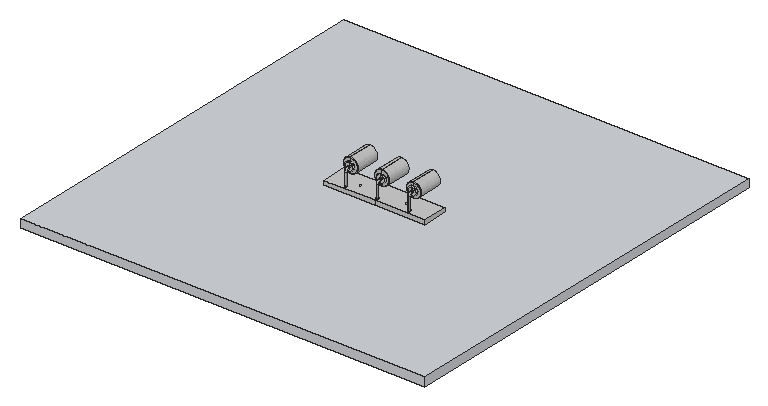
Revit family "P300329-009", category Lighting Fixtures, host Face, Revit 2017
Family settings
  Host = Face
  Round Connector Dimension = Use Diameter
  Part Type = Normal
  OmniClass Number = 23.80.70.11.14.17
  OmniClass Title = Direct/Indirect
  Cut with Voids When Loaded = No
  Light Source = No
  Shared = Yes
  Room Calculation Point = No
Parameters (values of type "P300329-009")
  Watts = 100 W
  Wattage Comments = "100W"
  Warranty = "1 year Warranty"  # constant formula
  Voltage = 120 V
  URL = "https://www.hubbell.com/progresslighting/en"
  Product Link = "https://www.hubbell.com/progresslighting/en/Products/Lighting-Controls/Residential-Indoor-Lighting/Bath-Vanity/Merry-Collection-Three-Light-Brushed-Nickel-and-Etched-Glass-Transitional-Style-Bath-Vanity-Wall-Light/p/6419000"
  Product Documentation Link = "https://hubbellcdn.com/specsheet/PROG_P300329-009_spec.pdf"
  Power Factor = 1
  Model = "P300329-009"  # constant formula
  Manufacturer = "Progress Lighting"  # constant formula
  Load Classification = Lighting
  Glass = Paint - Hubbell - White Texture
  Lamp = "LED/CFL/incandescent"  # constant formula
  Housing Material = Paint - Hubbell - Metallic Silver Textured
  Features = "Incorporate a clean, contemporary design with the Merry Collection 3-Light Etched Glass Brushed Nickel Transitional Bath Vanity Light. Light sources glow from within crisp etched glass shades for a generous elegant glow sure to transform any bath into a modern retreat. The rectangular backplate, curved arms, and round light bases are coated in a beautiful brushed nickel finish that perfectly blends transitional and modern character. For ideal illumination, use 3 medium base bulbs that are sold separately (100w max - LED/CFL/incandescent). The bath light is compatible with dimmable bulbs. The bath vanity light's contemporary design is ideal for any bathroom in modern and transitional style settings. It's time to breathe new life into the mundane every day with timeless and truly transformative lighting. Make your purchase today to begin your journey to a whole new lighting experience. Progress Lighting products are designed for exceptional quality, reliability, and functionality.\r\nApplication: Ideal for any bathroom.\r\nStyle: Perfect for modern and transitional style settings.\r\nFinish: The rectangular backplate, curved arms, and round light bases are coated in a beautiful brushed nickel finish that perfectly blends transitional and modern character.\r\nMaterials: Constructed from steel to ensure a long product lifespan.\r\nGlass: Light sources glow from within crisp etched glass shades for a generous elegant glow to transform any bath into a modern retreat.\r\nDimensions: For ideal illumination, use 3 medium base bulbs that are sold separately (100w max - LED/CFL/incandescent). Compatible with dimmable bulbs.\r\nDimensions: Measures 24-inch length by 8.25-inch height by 5.75-inch depth (installed).\r\nCertifications: cULus damp location listed.\r\nPairs With: Pairs with Progress Lighting fixtures from the Tobin, Etched Glass Flush, and Dome Glass collections.\r\nWarranty: Our 1-Year Limited Warranty guarantees your complete satisfaction with your purchase and includes professional after-sales customer service support. Make your purchase today to breathe new life into your lighting design!"  # constant formula
  Description = "Merry Collection Three-Light Brushed Nickel and Etched Glass Transitional Style Bath Vanity Wall Light"  # constant formula
  Default Elevation = 48.00"
  Copyright = " ©2021 Progress Lighting, a division of Hubbell Lighting, Inc"  # constant formula
  Contact = "https://www.hubbell.com/progresslighting/en/contactUs"
  Connector Description = "Lighting Connector"  # constant formula
  Assembly Code = "D5020200"
  Apparent Load = Watts / Power Factor  # 100 VA
Reference planes (in)
  plane 1 "Center (Front/Back)": y = 0
  plane 2: z = 0
  plane 3 "Center (Left/Right)": x = 0
  plane 4: z = 10.50759
  plane 5: z = 6.0561
  plane 6: x = 12
  plane 7: x = -12
Forms (in)
  Extrusion 1, solid
    sketch origin (0, 0, 0) x (1, 0, 0) y (0, 1, 0)
      loop
        line (-48, 48) -> (-48, -48) -> (48, -48) -> (48, 48) -> (-48, 48)
    from 0 to -2
  Extrusion 2, solid, material "Paint - Hubbell - Metallic Silver Textured" <- "Housing Material"
    sketch origin (0, -0.09375, 0) x (0, -1, 0) y (1, 0, 0)
      loop
        circle (0.07813, -5.54437) r 0.1
      loop
        circle (0.07812, 5.41937) r 0.1
    from 0.9423 to 1.04386
  Extrusion 3, solid, material "Paint - Hubbell - Metallic Silver Textured" <- "Housing Material"
    sketch origin (0, 0, 0) x (1, 0, 0) y (0, 1, 0)
      loop
        line (0, 3.04197) -> (-12, 3.04197) -> (-12, -2.95803) -> (0, -2.95803) -> (12, -2.95803) -> (12, 3.04197) -> (0, 3.04197)
    from 0 to 0.9423
  Revolve 4, solid, material "Paint - Hubbell - Metallic Silver Textured" <- "Housing Material"
    sketch origin (-7.5, -1.25, -1.125) x (0, -1, 0) y (0, 0, -1)
      loop
        line (-0.39703, -5.74607) -> (-0.66504, -5.74607) -> (-0.66504, -6.82752) -> (-0.26213, -6.82752)
        arc (-0.26213, -6.82752) -> (-0.19142, -6.79823) -> (-0.16213, -6.72752) r 0.1
        line (-0.16213, -6.72752) -> (-0.16213, -5.99092) -> (-0.05542, -5.99092) -> (-0.05542, -5.74607) -> (-0.16213, -5.74607) -> (-0.39703, -5.74607)
      axis (-0.05542, -5.74607) -> (-0.66504, -5.74607)
    angle from 0 to 360
  Revolve 5, solid, material "Paint - Hubbell - White Texture" <- "Glass"
    sketch origin (-7.53125, -5.21875, -2.0625) x (0, -1, 0) y (0, 0, -1)
      loop
        line (-4.59719, -6.69919) -> (-7.99875, -6.69919) -> (-7.99875, -7.33909)
        arc (-7.99875, -7.33909) -> (-7.93579, -7.50497) -> (-7.77863, -7.5873) r 0.25
        line (-7.77863, -7.5873) -> (-5.68396, -7.36454)
        arc (-5.68396, -7.36454) -> (-5.44868, -7.30814) -> (-5.20749, -7.28919) r 1.54416
        line (-5.20749, -7.28919) -> (-4.59719, -7.28919) -> (-4.59719, -6.69919)
      axis (-4.59719, -6.69919) -> (-7.99875, -6.69919)
    angle from 0 to 360
  Revolve 6, solid, material "Paint - Hubbell - White Texture" <- "Glass"
    sketch origin (-7.47515, -8.05913, 4.60947) x (0, 0, 1) y (0, 1, 0)
      loop
        line (0, 7.43773) -> (0, 10.56087) -> (0, 10.66244) -> (-0.11058, 10.66244)
        arc (-0.11058, 10.66244) -> (-0.13207, 10.62395) -> (-0.10174, 10.59197) r 0.0372
        arc (-0.10174, 10.59197) -> (-0.07712, 10.57767) -> (-0.0674, 10.55091) r 0.04171
        line (-0.0674, 10.55091) -> (-0.0674, 10.36451) -> (-0.0674, 8.11451) -> (-0.3174, 8.11451) -> (-0.3174, 7.86451) -> (-0.14062, 7.68773) -> (-0.14062, 7.43773) -> (0, 7.43773)
      axis (0, 7.43773) -> (0, 10.66244)
    angle from 0 to 360
  Revolve 7, solid, material "Paint- Wood"
    sketch origin (-7.47515, -8.05913, 4.60947) x (0, 0, 1) y (0, 1, 0)
      loop
        line (-0.47346, 8.28115) -> (-0.61841, 10.35395) -> (-0.66329, 10.35395) -> (-0.51834, 8.28115) -> (-0.47346, 8.28115)
      axis (-0.61862, 10.35707) -> (-0.47346, 8.28115)
    angle from 0 to 360
  Revolve 8, solid, material "Paint- Wood"
    sketch origin (-7.47515, -8.05913, 4.60947) x (0, 0, -1) y (0, -1, 0)
      loop
        line (-0.47346, -8.28115) -> (-0.51834, -8.28115) -> (-0.66723, -10.41041) -> (-0.62235, -10.41041) -> (-0.47346, -8.28115)
      axis (-0.62257, -10.41353) -> (-0.47346, -8.28115)
    angle from 0 to 360
  Revolve 9, solid, material "Paint- Wood"
    sketch origin (-7.47515, -8.05913, 4.60947) x (1, 0, 0) y (0, 1, 0)
      loop
        line (-0.47346, 8.28115) -> (-0.62034, 10.38161) -> (-0.66522, 10.38161) -> (-0.51834, 8.28115) -> (-0.47346, 8.28115)
      axis (-0.62056, 10.38473) -> (-0.47346, 8.28115)
    angle from 0 to 360
  Revolve 10, solid, material "Paint- Wood"
    sketch origin (-7.47515, -8.05913, 4.60947) x (-1, 0, 0) y (0, -1, 0)
      loop
        line (-0.47346, -8.28115) -> (-0.51834, -8.28115) -> (-0.66605, -10.39346) -> (-0.62117, -10.39346) -> (-0.47346, -8.28115)
      axis (-0.62139, -10.39659) -> (-0.47346, -8.28115)
    angle from 0 to 360
  Sweep 11, solid, material "Paint - Hubbell - White Texture" <- "Glass"
    path origin (-7.45952, -8.55913, 4.60853) x (1, 0, 0) y (0, 1, 0)
      loop
        line (0.61067, 10.88516) -> (0.61067, 10.98257)
        arc (0.61067, 10.98257) -> (0.57513, 11.06837) -> (0.48933, 11.10391) r 0.12134
        line (0.48933, 11.10391) -> (0.04812, 11.10391)
    profile origin (-6.84885, 2.37474, 4.60853) x (-1, 0, 0) y (0, 0, 1)
      loop
        circle (0, 0.00095) r 0.031
  Sweep 12, solid, material "Paint - Hubbell - White Texture" <- "Glass"
    path origin (-7.49267, -8.55913, 4.60853) x (-1, 0, 0) y (0, -1, 0)
      loop
        line (0.61067, -10.88516) -> (0.61067, -10.98257)
        arc (0.61067, -10.98257) -> (0.57513, -11.06837) -> (0.48933, -11.10391) r 0.12134
        line (0.48933, -11.10391) -> (0.04812, -11.10391)
    profile origin (-8.10334, 2.37474, 4.60853) x (-1, 0, 0) y (0, 0, 1)
      loop
        circle (0, 0.00095) r 0.031
  Sweep 13, solid, material "Paint - Hubbell - White Texture" <- "Glass"
    path origin (-7.45952, 11.17512, 4.60853) x (1, 0, 0) y (0, 1, 0)
      loop
        line (0.45442, -10.88516) -> (0.45442, -10.98257)
        arc (0.45442, -10.98257) -> (0.41888, -11.06837) -> (0.33308, -11.10391) r 0.12134
        line (0.33308, -11.10391) -> (0.04812, -11.10391)
    profile origin (-7.0051, 0.24126, 4.60853) x (1, 0, 0) y (0, 0, 1)
      loop
        circle (0, 0.00095) r 0.031
  Sweep 14, solid, material "Paint - Hubbell - White Texture" <- "Glass"
    path origin (-7.49267, 11.17512, 4.60853) x (-1, 0, 0) y (0, -1, 0)
      loop
        line (0.45442, 10.88516) -> (0.45442, 10.98257)
        arc (0.45442, 10.98257) -> (0.41888, 11.06837) -> (0.33308, 11.10391) r 0.12134
        line (0.33308, 11.10391) -> (0.04812, 11.10391)
    profile origin (-7.94709, 0.24126, 4.60853) x (1, 0, 0) y (0, 0, 1)
      loop
        circle (0, 0.00095) r 0.031
  Sweep 15, solid, material "Paint - Hubbell - White Texture" <- "Glass"
    path origin (-7.47515, -8.55913, 4.62605) x (0, 0, 1) y (0, 1, 0)
      loop
        line (0.61067, 10.88516) -> (0.61067, 10.98257)
        arc (0.61067, 10.98257) -> (0.57513, 11.06837) -> (0.48933, 11.10391) r 0.12134
        line (0.48933, 11.10391) -> (0.04812, 11.10391)
    profile origin (-7.47515, 2.37474, 5.23672) x (0, 0, -1) y (-1, 0, 0)
      loop
        circle (0, 0.00095) r 0.031
  Sweep 16, solid, material "Paint - Hubbell - White Texture" <- "Glass"
    path origin (-7.47515, -8.55913, 4.5929) x (0, 0, -1) y (0, -1, 0)
      loop
        line (0.61067, -10.88516) -> (0.61067, -10.98257)
        arc (0.61067, -10.98257) -> (0.57513, -11.06837) -> (0.48933, -11.10391) r 0.12134
        line (0.48933, -11.10391) -> (0.04812, -11.10391)
    profile origin (-7.47515, 2.37474, 3.98223) x (0, 0, -1) y (-1, 0, 0)
      loop
        circle (0, 0.00095) r 0.031
  Sweep 17, solid, material "Paint - Hubbell - White Texture" <- "Glass"
    path origin (-7.47515, 11.17512, 4.62605) x (0, 0, 1) y (0, 1, 0)
      loop
        line (0.45442, -10.88516) -> (0.45442, -10.98257)
        arc (0.45442, -10.98257) -> (0.41888, -11.06837) -> (0.33308, -11.10391) r 0.12134
        line (0.33308, -11.10391) -> (0.04812, -11.10391)
    profile origin (-7.47515, 0.24126, 5.08047) x (0, 0, 1) y (-1, 0, 0)
      loop
        circle (0, 0.00095) r 0.031
  Sweep 18, solid, material "Paint - Hubbell - White Texture" <- "Glass"
    path origin (-7.47515, 11.17512, 4.5929) x (0, 0, -1) y (0, -1, 0)
      loop
        line (0.45442, 10.88516) -> (0.45442, 10.98257)
        arc (0.45442, 10.98257) -> (0.41888, 11.06837) -> (0.33308, 11.10391) r 0.12134
        line (0.33308, 11.10391) -> (0.04812, 11.10391)
    profile origin (-7.47515, 0.24126, 4.13848) x (0, 0, 1) y (-1, 0, 0)
      loop
        circle (0, 0.00095) r 0.031
  Revolve 19, solid, material "Paint - Hubbell - White Texture" <- "Glass"
    sketch origin (-7.5, -1.5, -2) x (0, -1, 0) y (0, 0, -1)
      loop
        line (-0.87287, -7.54713) -> (-0.91291, -7.54713) -> (-0.91291, -8.25098)
        arc (-0.91291, -8.25098) -> (-0.94565, -8.33003) -> (-1.02469, -8.36277) r 0.11178
        line (-1.02469, -8.36277) -> (-6.77469, -8.36277) -> (-6.77469, -8.3973) -> (-0.99008, -8.3973)
        arc (-0.99008, -8.3973) -> (-0.9072, -8.36297) -> (-0.87287, -8.28009) r 0.11721
        line (-0.87287, -8.28009) -> (-0.87287, -7.54713)
      axis (-6.77469, -6.60947) -> (-0.87287, -6.60947)
    angle from 0 to 360
  Sweep 20, solid, material "Paint - Hubbell - Metallic Silver Textured" <- "Housing Material"
    path origin (-7.5, -0.8125, 6.11048) x (0, -1, 0) y (0, 0, -1)
      loop
        line (-0.1919, 1.48887) -> (0.7456, 1.48887)
        arc (0.7456, 1.48887) -> (1.09915, 1.63532) -> (1.2456, 1.98887) r 0.5
        line (1.2456, 1.98887) -> (1.2456, 5.16818)
    profile origin (-7.5, -1.08935, 4.62161) x (0, 0, -1) y (1, 0, 0)
      loop
        circle (0, 0) r 0.15
  Revolve 21, solid, material "Paint - Hubbell - Metallic Silver Textured" <- "Housing Material"
    sketch origin (-7.5, -7.77646, 1.96567) x (0, 0, 1) y (0, -1, 0)
      loop
        line (-1.0215, -5.99092) -> (-0.9148, -5.99092) -> (-0.9148, -5.74607) -> (-1.0215, -5.74607) -> (-1.0215, -5.99092)
      axis (-0.9148, -5.74607) -> (-1.0215, -5.74607)
    angle from 0 to 360
  Revolve 22, solid, material "Paint - Hubbell - Metallic Silver Textured" <- "Housing Material"
    sketch origin (0, -1.25, -1.125) x (0, -1, 0) y (0, 0, 1)
      loop
        line (-0.39703, 5.74607) -> (-0.16213, 5.74607) -> (-0.05542, 5.74607) -> (-0.05542, 5.99092) -> (-0.16213, 5.99092) -> (-0.16213, 6.72752)
        arc (-0.16213, 6.72752) -> (-0.19142, 6.79823) -> (-0.26213, 6.82752) r 0.1
        line (-0.26213, 6.82752) -> (-0.66504, 6.82752) -> (-0.66504, 5.74607) -> (-0.39703, 5.74607)
      axis (-0.05542, 5.74607) -> (-0.66504, 5.74607)
    angle from 0 to 360
  Revolve 23, solid, material "Paint - Hubbell - White Texture" <- "Glass"
    sketch origin (0.03125, -5.21875, -2.0625) x (0, -1, 0) y (0, 0, 1)
      loop
        line (-4.59719, 6.69919) -> (-4.59719, 7.28919) -> (-5.20749, 7.28919)
        arc (-5.20749, 7.28919) -> (-5.44868, 7.30814) -> (-5.68396, 7.36454) r 1.54416
        line (-5.68396, 7.36454) -> (-7.77863, 7.5873)
        arc (-7.77863, 7.5873) -> (-7.93579, 7.50497) -> (-7.99875, 7.33909) r 0.25
        line (-7.99875, 7.33909) -> (-7.99875, 6.69919) -> (-4.59719, 6.69919)
      axis (-4.59719, 6.69919) -> (-7.99875, 6.69919)
    angle from 0 to 360
  Revolve 24, solid, material "Paint - Hubbell - White Texture" <- "Glass"
    sketch origin (-0.02485, -8.05913, 4.60947) x (0, 0, 1) y (0, -1, 0)
      loop
        line (0, -7.43773) -> (-0.14062, -7.43773) -> (-0.14062, -7.68773) -> (-0.3174, -7.86451) -> (-0.3174, -8.11451) -> (-0.0674, -8.11451) -> (-0.0674, -10.36451) -> (-0.0674, -10.55091)
        arc (-0.0674, -10.55091) -> (-0.07712, -10.57767) -> (-0.10174, -10.59197) r 0.04171
        arc (-0.10174, -10.59197) -> (-0.13207, -10.62395) -> (-0.11058, -10.66244) r 0.0372
        line (-0.11058, -10.66244) -> (0, -10.66244) -> (0, -10.56087) -> (0, -7.43773)
      axis (0, -7.43773) -> (0, -10.66244)
    angle from 0 to 360
  Revolve 25, solid, material "Paint- Wood"
    sketch origin (-0.02485, -8.05913, 4.60947) x (0, 0, 1) y (0, -1, 0)
      loop
        line (-0.47346, -8.28115) -> (-0.51834, -8.28115) -> (-0.66329, -10.35395) -> (-0.61841, -10.35395) -> (-0.47346, -8.28115)
      axis (-0.61862, -10.35707) -> (-0.47346, -8.28115)
    angle from 0 to 360
  Revolve 26, solid, material "Paint- Wood"
    sketch origin (-0.02485, -8.05913, 4.60947) x (0, 0, -1) y (0, 1, 0)
      loop
        line (-0.47346, 8.28115) -> (-0.62235, 10.41041) -> (-0.66723, 10.41041) -> (-0.51834, 8.28115) -> (-0.47346, 8.28115)
      axis (-0.62257, 10.41353) -> (-0.47346, 8.28115)
    angle from 0 to 360
  Revolve 27, solid, material "Paint- Wood"
    sketch origin (-0.02485, -8.05913, 4.60947) x (-1, 0, 0) y (0, -1, 0)
      loop
        line (-0.47346, -8.28115) -> (-0.51834, -8.28115) -> (-0.66522, -10.38161) -> (-0.62034, -10.38161) -> (-0.47346, -8.28115)
      axis (-0.62056, -10.38473) -> (-0.47346, -8.28115)
    angle from 0 to 360
  Revolve 28, solid, material "Paint- Wood"
    sketch origin (-0.02485, -8.05913, 4.60947) x (1, 0, 0) y (0, 1, 0)
      loop
        line (-0.47346, 8.28115) -> (-0.62117, 10.39346) -> (-0.66605, 10.39346) -> (-0.51834, 8.28115) -> (-0.47346, 8.28115)
      axis (-0.62139, 10.39659) -> (-0.47346, 8.28115)
    angle from 0 to 360
  Sweep 29, solid, material "Paint - Hubbell - White Texture" <- "Glass"
    path origin (-0.04048, -8.55913, 4.60853) x (-1, 0, 0) y (0, -1, 0)
      loop
        line (0.61067, -10.88516) -> (0.61067, -10.98257)
        arc (0.61067, -10.98257) -> (0.57513, -11.06837) -> (0.48933, -11.10391) r 0.12134
        line (0.48933, -11.10391) -> (0.04812, -11.10391)
    profile origin (-0.65115, 2.37474, 4.60853) x (-1, 0, 0) y (0, 0, 1)
      loop
        circle (0, 0.00095) r 0.031
  Sweep 30, solid, material "Paint - Hubbell - White Texture" <- "Glass"
    path origin (-0.00733, -8.55913, 4.60853) x (1, 0, 0) y (0, 1, 0)
      loop
        line (0.61067, 10.88516) -> (0.61067, 10.98257)
        arc (0.61067, 10.98257) -> (0.57513, 11.06837) -> (0.48933, 11.10391) r 0.12134
        line (0.48933, 11.10391) -> (0.04812, 11.10391)
    profile origin (0.60334, 2.37474, 4.60853) x (-1, 0, 0) y (0, 0, 1)
      loop
        circle (0, 0.00095) r 0.031
  Sweep 31, solid, material "Paint - Hubbell - White Texture" <- "Glass"
    path origin (-0.04048, 11.17512, 4.60853) x (-1, 0, 0) y (0, -1, 0)
      loop
        line (0.45442, 10.88516) -> (0.45442, 10.98257)
        arc (0.45442, 10.98257) -> (0.41888, 11.06837) -> (0.33308, 11.10391) r 0.12134
        line (0.33308, 11.10391) -> (0.04812, 11.10391)
    profile origin (-0.4949, 0.24126, 4.60853) x (1, 0, 0) y (0, 0, 1)
      loop
        circle (0, 0.00095) r 0.031
  Sweep 32, solid, material "Paint - Hubbell - White Texture" <- "Glass"
    path origin (-0.00733, 11.17512, 4.60853) x (1, 0, 0) y (0, 1, 0)
      loop
        line (0.45442, -10.88516) -> (0.45442, -10.98257)
        arc (0.45442, -10.98257) -> (0.41888, -11.06837) -> (0.33308, -11.10391) r 0.12134
        line (0.33308, -11.10391) -> (0.04812, -11.10391)
    profile origin (0.44709, 0.24126, 4.60853) x (1, 0, 0) y (0, 0, 1)
      loop
        circle (0, 0.00095) r 0.031
  Sweep 33, solid, material "Paint - Hubbell - White Texture" <- "Glass"
    path origin (-0.02485, -8.55913, 4.62605) x (0, 0, 1) y (0, -1, 0)
      loop
        line (0.61067, -10.88516) -> (0.61067, -10.98257)
        arc (0.61067, -10.98257) -> (0.57513, -11.06837) -> (0.48933, -11.10391) r 0.12134
        line (0.48933, -11.10391) -> (0.04812, -11.10391)
    profile origin (-0.02485, 2.37474, 5.23672) x (0, 0, 1) y (1, 0, 0)
      loop
        circle (0, 0.00095) r 0.031
  Sweep 34, solid, material "Paint - Hubbell - White Texture" <- "Glass"
    path origin (-0.02485, -8.55913, 4.5929) x (0, 0, -1) y (0, 1, 0)
      loop
        line (0.61067, 10.88516) -> (0.61067, 10.98257)
        arc (0.61067, 10.98257) -> (0.57513, 11.06837) -> (0.48933, 11.10391) r 0.12134
        line (0.48933, 11.10391) -> (0.04812, 11.10391)
    profile origin (-0.02485, 2.37474, 3.98223) x (0, 0, 1) y (1, 0, 0)
      loop
        circle (0, 0.00095) r 0.031
  Sweep 35, solid, material "Paint - Hubbell - White Texture" <- "Glass"
    path origin (-0.02485, 11.17512, 4.62605) x (0, 0, 1) y (0, -1, 0)
      loop
        line (0.45442, 10.88516) -> (0.45442, 10.98257)
        arc (0.45442, 10.98257) -> (0.41888, 11.06837) -> (0.33308, 11.10391) r 0.12134
        line (0.33308, 11.10391) -> (0.04812, 11.10391)
    profile origin (-0.02485, 0.24126, 5.08047) x (0, 0, -1) y (1, 0, 0)
      loop
        circle (0, 0.00095) r 0.031
  Sweep 36, solid, material "Paint - Hubbell - White Texture" <- "Glass"
    path origin (-0.02485, 11.17512, 4.5929) x (0, 0, -1) y (0, 1, 0)
      loop
        line (0.45442, -10.88516) -> (0.45442, -10.98257)
        arc (0.45442, -10.98257) -> (0.41888, -11.06837) -> (0.33308, -11.10391) r 0.12134
        line (0.33308, -11.10391) -> (0.04812, -11.10391)
    profile origin (-0.02485, 0.24126, 4.13848) x (0, 0, -1) y (1, 0, 0)
      loop
        circle (0, 0.00095) r 0.031
  Revolve 37, solid, material "Paint - Hubbell - White Texture" <- "Glass"
    sketch origin (0, -1.5, -2) x (0, -1, 0) y (0, 0, 1)
      loop
        line (-0.87287, 7.54713) -> (-0.87287, 8.28009)
        arc (-0.87287, 8.28009) -> (-0.9072, 8.36297) -> (-0.99008, 8.3973) r 0.11721
        line (-0.99008, 8.3973) -> (-6.77469, 8.3973) -> (-6.77469, 8.36277) -> (-1.02469, 8.36277)
        arc (-1.02469, 8.36277) -> (-0.94565, 8.33003) -> (-0.91291, 8.25098) r 0.11178
        line (-0.91291, 8.25098) -> (-0.91291, 7.54713) -> (-0.87287, 7.54713)
      axis (-6.77469, 6.60947) -> (-0.87287, 6.60947)
    angle from 0 to 360
  Sweep 38, solid, material "Paint - Hubbell - Metallic Silver Textured" <- "Housing Material"
    path origin (0, -0.8125, 6.11048) x (0, -1, 0) y (0, 0, 1)
      loop
        line (-0.1919, -1.48887) -> (0.7456, -1.48887)
        arc (0.7456, -1.48887) -> (1.09915, -1.63532) -> (1.2456, -1.98887) r 0.5
        line (1.2456, -1.98887) -> (1.2456, -5.16818)
    profile origin (0, -1.08935, 4.62161) x (0, 0, 1) y (-1, 0, 0)
      loop
        circle (0, 0) r 0.15
  Revolve 39, solid, material "Paint - Hubbell - Metallic Silver Textured" <- "Housing Material"
    sketch origin (0, -7.77646, 1.96567) x (0, 0, 1) y (0, 1, 0)
      loop
        line (-1.0215, 5.99092) -> (-1.0215, 5.74607) -> (-0.9148, 5.74607) -> (-0.9148, 5.99092) -> (-1.0215, 5.99092)
      axis (-0.9148, 5.74607) -> (-1.0215, 5.74607)
    angle from 0 to 360
  Revolve 40, solid, material "Paint - Hubbell - Metallic Silver Textured" <- "Housing Material"
    sketch origin (7.5, -1.25, -1.125) x (0, -1, 0) y (0, 0, 1)
      loop
        line (-0.39703, 5.74607) -> (-0.16213, 5.74607) -> (-0.05542, 5.74607) -> (-0.05542, 5.99092) -> (-0.16213, 5.99092) -> (-0.16213, 6.72752)
        arc (-0.16213, 6.72752) -> (-0.19142, 6.79823) -> (-0.26213, 6.82752) r 0.1
        line (-0.26213, 6.82752) -> (-0.66504, 6.82752) -> (-0.66504, 5.74607) -> (-0.39703, 5.74607)
      axis (-0.05542, 5.74607) -> (-0.66504, 5.74607)
    angle from 0 to 360
  Revolve 41, solid, material "Paint - Hubbell - White Texture" <- "Glass"
    sketch origin (7.53125, -5.21875, -2.0625) x (0, -1, 0) y (0, 0, 1)
      loop
        line (-4.59719, 6.69919) -> (-4.59719, 7.28919) -> (-5.20749, 7.28919)
        arc (-5.20749, 7.28919) -> (-5.44868, 7.30814) -> (-5.68396, 7.36454) r 1.54416
        line (-5.68396, 7.36454) -> (-7.77863, 7.5873)
        arc (-7.77863, 7.5873) -> (-7.93579, 7.50497) -> (-7.99875, 7.33909) r 0.25
        line (-7.99875, 7.33909) -> (-7.99875, 6.69919) -> (-4.59719, 6.69919)
      axis (-4.59719, 6.69919) -> (-7.99875, 6.69919)
    angle from 0 to 360
  Revolve 42, solid, material "Paint - Hubbell - White Texture" <- "Glass"
    sketch origin (7.47515, -8.05913, 4.60947) x (0, 0, 1) y (0, -1, 0)
      loop
        line (0, -7.43773) -> (-0.14062, -7.43773) -> (-0.14062, -7.68773) -> (-0.3174, -7.86451) -> (-0.3174, -8.11451) -> (-0.0674, -8.11451) -> (-0.0674, -10.36451) -> (-0.0674, -10.55091)
        arc (-0.0674, -10.55091) -> (-0.07712, -10.57767) -> (-0.10174, -10.59197) r 0.04171
        arc (-0.10174, -10.59197) -> (-0.13207, -10.62395) -> (-0.11058, -10.66244) r 0.0372
        line (-0.11058, -10.66244) -> (0, -10.66244) -> (0, -10.56087) -> (0, -7.43773)
      axis (0, -7.43773) -> (0, -10.66244)
    angle from 0 to 360
  Revolve 43, solid, material "Paint- Wood"
    sketch origin (7.47515, -8.05913, 4.60947) x (0, 0, 1) y (0, -1, 0)
      loop
        line (-0.47346, -8.28115) -> (-0.51834, -8.28115) -> (-0.66329, -10.35395) -> (-0.61841, -10.35395) -> (-0.47346, -8.28115)
      axis (-0.61862, -10.35707) -> (-0.47346, -8.28115)
    angle from 0 to 360
  Revolve 44, solid, material "Paint- Wood"
    sketch origin (7.47515, -8.05913, 4.60947) x (0, 0, -1) y (0, 1, 0)
      loop
        line (-0.47346, 8.28115) -> (-0.62235, 10.41041) -> (-0.66723, 10.41041) -> (-0.51834, 8.28115) -> (-0.47346, 8.28115)
      axis (-0.62257, 10.41353) -> (-0.47346, 8.28115)
    angle from 0 to 360
  Revolve 45, solid, material "Paint- Wood"
    sketch origin (7.47515, -8.05913, 4.60947) x (-1, 0, 0) y (0, -1, 0)
      loop
        line (-0.47346, -8.28115) -> (-0.51834, -8.28115) -> (-0.66522, -10.38161) -> (-0.62034, -10.38161) -> (-0.47346, -8.28115)
      axis (-0.62056, -10.38473) -> (-0.47346, -8.28115)
    angle from 0 to 360
  Revolve 46, solid, material "Paint- Wood"
    sketch origin (7.47515, -8.05913, 4.60947) x (1, 0, 0) y (0, 1, 0)
      loop
        line (-0.47346, 8.28115) -> (-0.62117, 10.39346) -> (-0.66605, 10.39346) -> (-0.51834, 8.28115) -> (-0.47346, 8.28115)
      axis (-0.62139, 10.39659) -> (-0.47346, 8.28115)
    angle from 0 to 360
  Sweep 47, solid, material "Paint - Hubbell - White Texture" <- "Glass"
    path origin (7.45952, -8.55913, 4.60853) x (-1, 0, 0) y (0, -1, 0)
      loop
        line (0.61067, -10.88516) -> (0.61067, -10.98257)
        arc (0.61067, -10.98257) -> (0.57513, -11.06837) -> (0.48933, -11.10391) r 0.12134
        line (0.48933, -11.10391) -> (0.04812, -11.10391)
    profile origin (6.84885, 2.37474, 4.60853) x (-1, 0, 0) y (0, 0, 1)
      loop
        circle (0, 0.00095) r 0.031
  Sweep 48, solid, material "Paint - Hubbell - White Texture" <- "Glass"
    path origin (7.49267, -8.55913, 4.60853) x (1, 0, 0) y (0, 1, 0)
      loop
        line (0.61067, 10.88516) -> (0.61067, 10.98257)
        arc (0.61067, 10.98257) -> (0.57513, 11.06837) -> (0.48933, 11.10391) r 0.12134
        line (0.48933, 11.10391) -> (0.04812, 11.10391)
    profile origin (8.10334, 2.37474, 4.60853) x (-1, 0, 0) y (0, 0, 1)
      loop
        circle (0, 0.00095) r 0.031
  Sweep 49, solid, material "Paint - Hubbell - White Texture" <- "Glass"
    path origin (7.45952, 11.17512, 4.60853) x (-1, 0, 0) y (0, -1, 0)
      loop
        line (0.45442, 10.88516) -> (0.45442, 10.98257)
        arc (0.45442, 10.98257) -> (0.41888, 11.06837) -> (0.33308, 11.10391) r 0.12134
        line (0.33308, 11.10391) -> (0.04812, 11.10391)
    profile origin (7.0051, 0.24126, 4.60853) x (1, 0, 0) y (0, 0, 1)
      loop
        circle (0, 0.00095) r 0.031
  Sweep 50, solid, material "Paint - Hubbell - White Texture" <- "Glass"
    path origin (7.49267, 11.17512, 4.60853) x (1, 0, 0) y (0, 1, 0)
      loop
        line (0.45442, -10.88516) -> (0.45442, -10.98257)
        arc (0.45442, -10.98257) -> (0.41888, -11.06837) -> (0.33308, -11.10391) r 0.12134
        line (0.33308, -11.10391) -> (0.04812, -11.10391)
    profile origin (7.94709, 0.24126, 4.60853) x (1, 0, 0) y (0, 0, 1)
      loop
        circle (0, 0.00095) r 0.031
  Sweep 51, solid, material "Paint - Hubbell - White Texture" <- "Glass"
    path origin (7.47515, -8.55913, 4.62605) x (0, 0, 1) y (0, -1, 0)
      loop
        line (0.61067, -10.88516) -> (0.61067, -10.98257)
        arc (0.61067, -10.98257) -> (0.57513, -11.06837) -> (0.48933, -11.10391) r 0.12134
        line (0.48933, -11.10391) -> (0.04812, -11.10391)
    profile origin (7.47515, 2.37474, 5.23672) x (0, 0, 1) y (1, 0, 0)
      loop
        circle (0, 0.00095) r 0.031
  Sweep 52, solid, material "Paint - Hubbell - White Texture" <- "Glass"
    path origin (7.47515, -8.55913, 4.5929) x (0, 0, -1) y (0, 1, 0)
      loop
        line (0.61067, 10.88516) -> (0.61067, 10.98257)
        arc (0.61067, 10.98257) -> (0.57513, 11.06837) -> (0.48933, 11.10391) r 0.12134
        line (0.48933, 11.10391) -> (0.04812, 11.10391)
    profile origin (7.47515, 2.37474, 3.98223) x (0, 0, 1) y (1, 0, 0)
      loop
        circle (0, 0.00095) r 0.031
  Sweep 53, solid, material "Paint - Hubbell - White Texture" <- "Glass"
    path origin (7.47515, 11.17512, 4.62605) x (0, 0, 1) y (0, -1, 0)
      loop
        line (0.45442, 10.88516) -> (0.45442, 10.98257)
        arc (0.45442, 10.98257) -> (0.41888, 11.06837) -> (0.33308, 11.10391) r 0.12134
        line (0.33308, 11.10391) -> (0.04812, 11.10391)
    profile origin (7.47515, 0.24126, 5.08047) x (0, 0, -1) y (1, 0, 0)
      loop
        circle (0, 0.00095) r 0.031
  Sweep 54, solid, material "Paint - Hubbell - White Texture" <- "Glass"
    path origin (7.47515, 11.17512, 4.5929) x (0, 0, -1) y (0, 1, 0)
      loop
        line (0.45442, -10.88516) -> (0.45442, -10.98257)
        arc (0.45442, -10.98257) -> (0.41888, -11.06837) -> (0.33308, -11.10391) r 0.12134
        line (0.33308, -11.10391) -> (0.04812, -11.10391)
    profile origin (7.47515, 0.24126, 4.13848) x (0, 0, -1) y (1, 0, 0)
      loop
        circle (0, 0.00095) r 0.031
  Revolve 55, solid, material "Paint - Hubbell - White Texture" <- "Glass"
    sketch origin (7.5, -1.5, -2) x (0, -1, 0) y (0, 0, 1)
      loop
        line (-0.87287, 7.54713) -> (-0.87287, 8.28009)
        arc (-0.87287, 8.28009) -> (-0.9072, 8.36297) -> (-0.99008, 8.3973) r 0.11721
        line (-0.99008, 8.3973) -> (-6.77469, 8.3973) -> (-6.77469, 8.36277) -> (-1.02469, 8.36277)
        arc (-1.02469, 8.36277) -> (-0.94565, 8.33003) -> (-0.91291, 8.25098) r 0.11178
        line (-0.91291, 8.25098) -> (-0.91291, 7.54713) -> (-0.87287, 7.54713)
      axis (-6.77469, 6.60947) -> (-0.87287, 6.60947)
    angle from 0 to 360
  Sweep 56, solid, material "Paint - Hubbell - Metallic Silver Textured" <- "Housing Material"
    path origin (7.5, -0.8125, 6.11048) x (0, -1, 0) y (0, 0, 1)
      loop
        line (-0.1919, -1.48887) -> (0.7456, -1.48887)
        arc (0.7456, -1.48887) -> (1.09915, -1.63532) -> (1.2456, -1.98887) r 0.5
        line (1.2456, -1.98887) -> (1.2456, -5.16818)
    profile origin (7.5, -1.08935, 4.62161) x (0, 0, 1) y (-1, 0, 0)
      loop
        circle (0, 0) r 0.15
  Revolve 57, solid, material "Paint - Hubbell - Metallic Silver Textured" <- "Housing Material"
    sketch origin (7.5, -7.77646, 1.96567) x (0, 0, 1) y (0, 1, 0)
      loop
        line (-1.0215, 5.99092) -> (-1.0215, 5.74607) -> (-0.9148, 5.74607) -> (-0.9148, 5.99092) -> (-1.0215, 5.99092)
      axis (-0.9148, 5.74607) -> (-1.0215, 5.74607)
    angle from 0 to 360
Dimensions and locks (in)
  aligned and locked: plane 2 to Extrusion 1
Nested families (in)
  nested 1: "Light Source" at (-7.69849, 4.54197, 4.5), type "Light Source"
  nested 2: "Light Source" at (-0.4395, 4.54197, 4.5), type "Light Source"
  nested 3: "Light Source" at (7.0605, 4.54197, 4.5), type "Light Source"
Connectors (in)
  electrical at (0, 0.04197, 0)
    settings: on Extrusion 3, index 1, voltage 0 V, apparent load 0 VA, apparent load phase1 0 VA, apparent load phase2 0 VA, apparent load phase3 0 VA, power factor 1, load classification "Other", number of poles 1, system type 30, power factor state 1, is connector primary yes, connector utility no, sub classification motor no, connector description ""
Definition of nested family "Light Source"
  Parameters (values of type "Light Source")
    Wattage = 60 W
    built-in parameter 1150110 = 1 (stored number, unit not read)
    built-in parameter 1114217 = 1 (stored number, unit not read)
    Tilt Angle = 60.00°
    built-in parameter 1150109 = 1 (stored number, unit not read)
    built-in parameter 1150134 = 3
    built-in parameter 1150113 = 1 (stored number, unit not read)
    Photometric Web File = "generic"
    built-in parameter 1150142 = (empty or 0)
    built-in parameter 1150105 = 477.46 (stored number, unit not read)
    Lumens = 6000 lm
    built-in parameter 1150115 = 1 (stored number, unit not read)
    built-in parameter 1150137 = (empty or 0)
    built-in parameter 1150139 = (empty or 0)
    built-in parameter 1150112 = 1 (stored number, unit not read)
    built-in parameter 1150114 = 1 (stored number, unit not read)
    built-in parameter 1150132 = (empty or 0)
    built-in parameter 1150102 = (empty or 0)
    built-in parameter 1150107 = 3200 (stored number, unit not read)
    built-in parameter 1150138 = (empty or 0)
    built-in parameter 1150106 = 4.7746 (stored number, unit not read)
    built-in parameter 1150104 = 9.2903 (stored number, unit not read)
    Dimming Lamp Color Temperature Shift = (empty or 0)
    Color Filter = 16777215
    built-in parameter 1114218 = 1 (stored number, unit not read)
    built-in parameter 1150133 = 10 (stored number, unit not read)
  Reference planes (in)
    plane 1 "Center (Front/Back)": y = 0
    plane 2: z = 0
    plane 3 "Center (Left/Right)": x = 0
  Dimensions and locks (in)
    aligned and locked: level to plane 2
